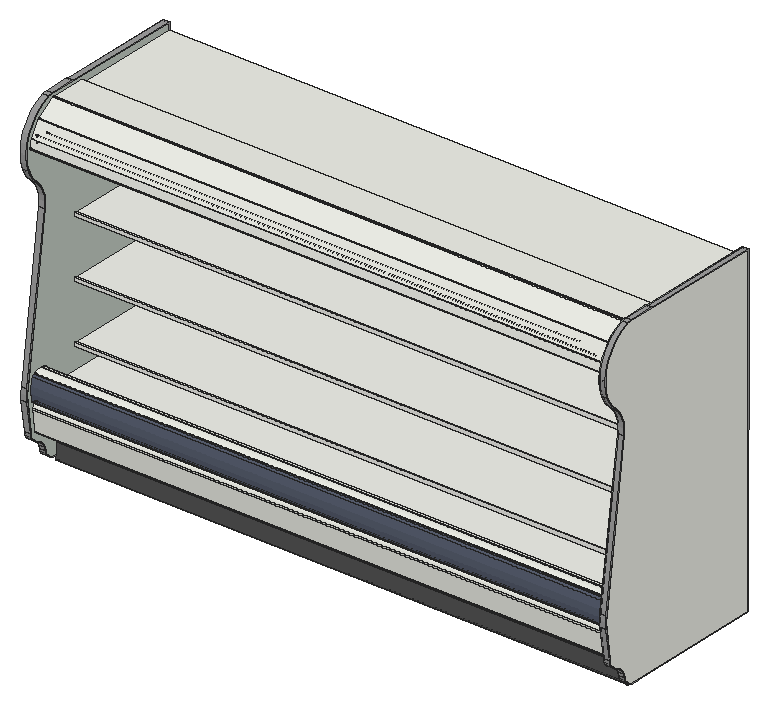
Revit family "ID5SM_2014", category Specialty Equipment, Revit 2014 (continued)
Definition of nested family "Floor Support-Side Skid-ID5SM"
  Automatic sketch dimensions
    Extrusion 3 sketch curve to plane 4 "Right" = 0.11571"  (x4)
    Extrusion 3 sketch curve to plane 4 "Right" = 0.10825"
    Extrusion 3 sketch curve to Extrusion 3 sketch curve = 0.06226"
    plane 4 "Right" to Extrusion 3 sketch curve = 0.06162"  (x4)
    plane 4 "Right" to Extrusion 3 sketch curve = 0.84094"  (x2)
    Extrusion 3 sketch curve to Extrusion 3 sketch curve = 0"  (x3)
    Extrusion 3 sketch curve to Extrusion 3 sketch curve = 0.00137"  (x3)
    Extrusion 3 sketch curve to Extrusion 3 sketch curve = 0.50088"
    Extrusion 3 sketch curve to Extrusion 3 sketch curve = 0.25044"
    Extrusion 3 sketch curve to Extrusion 3 sketch curve = 0.00004"
Definition of nested family "Shelf"
  Parameters (values of type "Shelf")
    Width = 24"
    URL = "www.hussmann.com"
    Type Comments = "Shelf"
    Shelves = Sheet Metal (Steel Painted) - 700 Interior White
    Model = ""
    Manufacturer = "Hussmann Corporation"
    Height = 5"
    Description = ""
    Depth = 20"
    Assembly Code = ""
    Accessories/Options = ""
  Reference planes (in)
    plane 1 "Back": y = 0
    plane 2 "Bottom": z = 0
    plane 3 "Left": x = -77.30699
    plane 4 "Right": x = -53.30699
    plane 5 "Front": y = -20
    plane 6 "Center (Left/Right)": x = -65.30699
    plane 7: z = 5
  Forms (in)
    Extrusion 1, solid, material "Sheet Metal (Steel Painted) - 700 Interior White" <- "Shelves"
      sketch origin (-77.30699, 7.75, -64.26162) x (0, 1, 0) y (0, 0, 1)
        loop
          line (-7.75, 64.26162) -> (-7.75, 68.01162) -> (-8.5, 68.01162) -> (-8.5, 69.01162) -> (-27.5, 69.01162) -> (-27.5, 69.26162) -> (-27.75, 69.26162) -> (-27.75, 68.26162) -> (-27.5, 68.26162) -> (-27.5, 68.76162) -> (-26, 68.76162) -> (-26, 68.51162) -> (-13.81963, 68.51162) -> (-7.75, 64.26162)
      from 0 to 24
  Dimensions and locks (in)
    "Width": plane 4 "Right" to plane 3 "Left"
    equal spacing: plane 4 "Right", plane 6 "Center (Left/Right)", plane 3 "Left"
    "Depth": plane 1 "Back" to plane 5 "Front"
    "Height": level to plane 7
    aligned and locked: Extrusion 1 to plane 3 "Left"
    aligned and locked: plane 4 "Right" to Extrusion 1
  Automatic sketch dimensions
    Extrusion 1 sketch curve to plane 5 "Front" = 0"
    Extrusion 1 sketch curve to plane 1 "Back" = 0"
    plane 5 "Front" to Extrusion 1 sketch curve = 1/4"  (x2)
    Extrusion 1 sketch curve to Extrusion 1 sketch curve = 1 1/2"
    plane 1 "Back" to Extrusion 1 sketch curve = 6.06963"
    plane 1 "Back" to Extrusion 1 sketch curve = 3/4"
    Extrusion 1 sketch curve to Extrusion 1 sketch curve = 3 3/4"
    Extrusion 1 sketch curve to Extrusion 1 sketch curve = 1/2"  (x2)
    Extrusion 1 sketch curve to Extrusion 1 sketch curve = 1"
    Extrusion 1 sketch curve to Extrusion 1 sketch curve = 1/4"
    Extrusion 1 sketch curve to Extrusion 1 sketch curve = 3/4"
    Extrusion 1 sketch curve to level = 0"
Definition of nested family "Light"
  Parameters (values of type "Light")
    Wattage = 16.1571 W
    built-in parameter 1150110 = 1 (stored number, unit not read)
    built-in parameter 1114217 = 1 (stored number, unit not read)
    built-in parameter 1150109 = 1 (stored number, unit not read)
    built-in parameter 1150134 = (empty or 0)
    built-in parameter 1150113 = 1 (stored number, unit not read)
    Lumens = 2400 lm
    built-in parameter 1150115 = 1 (stored number, unit not read)
    built-in parameter 1150105 = 763.94 (stored number, unit not read)
    Light Source Symbol Size = 24"
    built-in parameter 1150137 = (empty or 0)
    built-in parameter 1150139 = (empty or 0)
    Lense = none
    Length = 144 1/2"
    built-in parameter 1150112 = 1 (stored number, unit not read)
    built-in parameter 1150114 = 1 (stored number, unit not read)
    built-in parameter 1150132 = 2
    built-in parameter 1150102 = (empty or 0)
    built-in parameter 1150138 = (empty or 0)
    built-in parameter 1150107 = 6100 (stored number, unit not read)
    built-in parameter 1150106 = 7.6394 (stored number, unit not read)
    Emit from Line Length = Length  # 144 1/2"
    built-in parameter 1150104 = 13.8 (stored number, unit not read)
    Dimming Lamp Color Temperature Shift = (empty or 0)
    Color Filter = 16777215
    Casing = none
    built-in parameter 1114218 = 1 (stored number, unit not read)
    built-in parameter 1150133 = 10 (stored number, unit not read)
  Reference planes (in)
    plane 1 "Light Source Axis (F/B)": y = -8.60801
    plane 2: z = 0
    plane 3 "Light Source Axis (L/R)": x = 0
    plane 4 "Light Source Elevation": z = 52.5
    plane 5: z = 0
    plane 6 "Left": x = -72.25
    plane 7 "Right": x = 72.25
  Lines and regions (in)
    model lines
      curve 1: line (-72.25, -8.60801, 52.5) -> (72.25, -8.60801, 52.5)
  Dimensions and locks (in)
    equal spacing: plane 7 "Right", plane 3 "Light Source Axis (L/R)", plane 6 "Left"
    "Length": plane 7 "Right" to plane 6 "Left"
    aligned and locked: plane 3 "Light Source Axis (L/R)" to imposter light
    aligned and locked: plane 1 "Light Source Axis (F/B)" to imposter light
    aligned and locked: plane 4 "Light Source Elevation" to imposter light
    aligned and locked: level to plane 5
  Automatic sketch dimensions
    plane 1 "Light Source Axis (F/B)" to curve 1 = 0"
    curve 1 to plane 6 "Left" = 0"
    curve 1 to plane 7 "Right" = 0"
Types (4): name | Width | Waste Outlet Location | Total Weight | Supports | Center Support 1 | Center Support 2 | Case Weight
  12'-0" Length | 144 3/8" | 72" | 1300.00 lbf | yes | no | no | 1100.00 lbf
  8'-0" Length | 96 1/4" | 24" | 1200.00 lbf | no | no | yes | 1000.00 lbf
  6'-0" Length | 72 1/4" | 24" | 1050.00 lbf | no | yes | no | 850.00 lbf
  4'-0" Length | 48 1/8" | 24" | 900.00 lbf | no | no | no | 700.00 lbf
